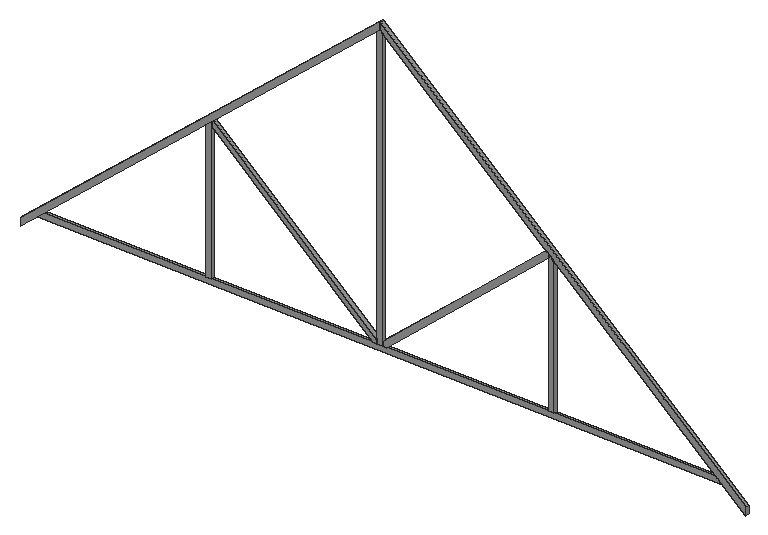
Revit family "HoweTruss", category Structural Framing, Revit 2021
Family settings
  Section Shape = Not Defined
  Material for Model Behavior = Wood
  Always export as geometry = No
  OmniClass Number = 23.25.30.21.14
  OmniClass Title = Trussed Beams and Joists
  Work Plane-Based = No
  Always vertical = Yes
  Cut with Voids When Loaded = No
  Symbolic Representation = From Family
  Shared = No
  Show family pre-cut in plan views = Yes
Parameters
  WebWidth [instance] = 50 mm
  WebDepth [instance] = 100 mm
  T_Volume [instance] = 0.00 m³
  TopWidth [instance] = 50 mm
  Structural Material [instance] = Poche
  SpanRight [instance] = 6000 mm
  SpanLeft [instance] = 6000 mm
  Span [instance] = SpanLeft + SpanRight  # 12000 mm
  SlopeRight [instance] = 40.00°
  SlopeLeft [instance] = 40.00°
  OverhangRight [instance] = 300 mm
  OverhangLeft [instance] = 400 mm
  TopDepth [instance] = 100 mm
  BottomWidth [instance] = 50 mm
  BottomDepth [instance] = 100 mm
Reference planes
  plane 1 "Center (Front/Back)": y = 0
  plane 2: z = 0
  plane 3 "Center (Left/Right)": x = 0
  plane 4: x = -6000
  plane 5: x = 6000
  plane 6: x = 6400
  plane 7: x = -6300
  plane 8: z = 100
  plane 9: x = -3000
  plane 10: x = -50
  plane 11: x = 50
  plane 12: x = 3000
  plane 13: x = 2950
  plane 14: x = 3050
  plane 15: x = -3050
  plane 16: x = -2950
Forms (mm)
  Extrusion 1, solid, material "Cherry"
    sketch origin (0, 0, 0) x (1, 0, 0) y (0, 0, 1)
      loop
        line (6400, -335.64) -> (6400, -205.099) -> (0, 5165.139) -> (0, 5034.598) -> (6400, -335.64)
    from -40 to 25
  Extrusion 2, solid, material "Cherry"
    sketch origin (0, 0, 0) x (1, 0, 0) y (0, 0, 1)
      loop
        line (-6300, -121.189) -> (-6300, -251.73) -> (0, 5034.598) -> (0, 5165.139) -> (-6300, -121.189)
    from -40 to 25
  Extrusion 3, solid, material "Cherry"
    sketch origin (0, 0, 0) x (1, 0, 0) y (0, 0, 1)
      loop
        line (-6000, 0) -> (6000, 0) -> (5880.825, 100) -> (-5880.825, 100) -> (-6000, 0)
    from -25 to 25
  Extrusion 4, solid, material "Cherry"
    sketch origin (0, 0, 0) x (1, 0, 0) y (0, 0, 1)
      loop
        line (127.307, 100) -> (2950, 2493.696) -> (2950, 2559.254) -> (2911.142, 2591.86) -> (50, 165.558) -> (50, 100) -> (127.307, 100)
    from -25 to 25
  Extrusion 5, solid, material "Cherry"
    sketch origin (0, 0, 0) x (1, 0, 0) y (0, 0, 1)
      loop
        line (-50, 165.558) -> (-2911.142, 2591.86) -> (-2950, 2559.254) -> (-2950, 2493.696) -> (-127.307, 100) -> (-50, 100) -> (-50, 165.558)
    from -25 to 25
  Extrusion 6, solid, material "Cherry"
    sketch origin (0, 0, 0) x (1, 0, 0) y (0, 0, 1)
      loop
        line (3050, 2475.344) -> (2950, 2559.254) -> (2950, 100) -> (3050, 100) -> (3050, 2475.344)
    from -25 to 25
  Extrusion 7, solid, material "Cherry"
    sketch origin (0, 0, 0) x (1, 0, 0) y (0, 0, 1)
      loop
        line (-2950, 2559.254) -> (-3050, 2475.344) -> (-3050, 100) -> (-2950, 100) -> (-2950, 2559.254)
    from -25 to 25
  Extrusion 8, solid, material "Cherry"
    sketch origin (0, 0, 0) x (1, 0, 0) y (0, 0, 1)
      loop
        line (50, 4992.643) -> (0, 5034.598) -> (-50, 4992.643) -> (-50, 100) -> (50, 100) -> (50, 4992.643)
    from -25 to 25
Lines and regions (mm)
  reference lines
    curve 1: line (6000, 0, 0) -> (0, 0, 5034.598)
    curve 2: line (-6000, 0, 0) -> (0, 0, 5034.598)
    curve 3: line (6001.738, 0, 129.083) -> (-8.024, 0, 5171.871)
    curve 4: line (-5999.444, 0, 131.007) -> (-84.65, 0, 5094.109)
    curve 5: line (0, 25, 1939.254) -> (0, 25, -520.746)
    curve 6: line (0, -25, 1939.254) -> (0, -25, -520.746)
    curve 7: line (0, -25, 1939.254) -> (0, -25, -520.746)
    curve 8: line (0, -25, 1939.254) -> (0, -25, -520.746)
    curve 9: line (0, 25, 1939.254) -> (0, 25, -520.746)
    curve 10: line (0, 25, 1939.254) -> (0, 25, -520.746)
    curve 11: line (50, 0, 100) -> (2950, 0, 2559.254)
    curve 12: line (-50, 0, 100) -> (-2950, 0, 2559.254)
    curve 13: line (-28.171, 0, 99.267) -> (2911.142, 0, 2591.86)
    curve 14: line (50.725, 0, 35.057) -> (2988.858, 0, 2526.648)
    curve 15: line (28.171, 0, 99.267) -> (-2911.142, 0, 2591.86)
    curve 16: line (-50.725, 0, 35.057) -> (-2988.858, 0, 2526.648)
Dimensions and locks
  "SpanLeft": plane 3 "Center (Left/Right)" to plane 5
  "SpanRight": plane 3 "Center (Left/Right)" to plane 4
  "OverhangLeft": plane 5 to plane 6
  "OverhangRight": plane 7 to plane 4
  "BottomDepth": level to plane 8
  "TopDepth": curve 1 to curve 3
  "TopDepth": curve 4 to curve 2
  equal spacing: curve 5, curve 4, curve 6
  "TopWidth": curve 5 to curve 6
  equal spacing: curve 9, curve 4, curve 7
  "WebWidth": curve 9 to curve 7
  equal spacing: curve 10, curve 4, curve 8
  "BottomWidth": curve 10 to curve 8
  equal spacing: plane 11, plane 3 "Center (Left/Right)", plane 10
  "WebDepth": plane 11 to plane 10
  equal spacing: plane 5, plane 12, plane 3 "Center (Left/Right)"
  equal spacing: plane 3 "Center (Left/Right)", plane 9, plane 4
  equal spacing: plane 14, plane 12, plane 13
  "WebDepth": plane 14 to plane 13
  equal spacing: plane 16, plane 9, plane 15
  "WebDepth": plane 16 to plane 15
  equal spacing: curve 14, curve 11, curve 13
  "WebDepth": curve 14 to curve 13
  equal spacing: curve 15, curve 12, curve 16
  "WebDepth": curve 15 to curve 16
  "SlopeLeft": angle level to curve 1
  "SlopeRight": angle curve 2 to level
  aligned and locked: plane 2 to level
  aligned and locked: plane 3 "Center (Left/Right)" to curve 1
  aligned and locked: plane 5 to curve 1
  aligned and locked: curve 1 to level
  aligned and locked: level to curve 2
  aligned and locked: Extrusion 1 sketch curve to curve 1
  aligned and locked: Extrusion 1 sketch curve to curve 3
  aligned and locked: Extrusion 1 sketch curve to plane 3 "Center (Left/Right)"
  aligned and locked: Extrusion 1 sketch curve to plane 6
  aligned and locked: Extrusion 1 to curve 6
  aligned and locked: Extrusion 2 sketch curve to curve 4
  aligned and locked: Extrusion 2 sketch curve to curve 2
  aligned and locked: plane 7 to Extrusion 2 sketch curve
  aligned and locked: Extrusion 2 sketch curve to plane 3 "Center (Left/Right)"
  aligned and locked: Extrusion 2 to Extrusion 1
  aligned and locked: Extrusion 1 to Extrusion 2
  aligned and locked: Extrusion 3 sketch curve to level
  aligned and locked: Extrusion 3 sketch curve to plane 8
  aligned and locked: Extrusion 1 to Extrusion 3 sketch curve
  aligned and locked: Extrusion 2 to Extrusion 3 sketch curve
  aligned and locked: curve 10 to Extrusion 3
  aligned and locked: Extrusion 3 to curve 8
  aligned and locked: curve 14 to Extrusion 4 sketch curve
  aligned and locked: curve 13 to Extrusion 4 sketch curve
  aligned and locked: Extrusion 4 sketch curve to plane 13
  aligned and locked: Extrusion 1 to Extrusion 4 sketch curve
  aligned and locked: plane 11 to Extrusion 4 sketch curve
  aligned and locked: Extrusion 3 to Extrusion 4 sketch curve
  aligned and locked: curve 15 to Extrusion 5 sketch curve
  aligned and locked: curve 16 to Extrusion 5 sketch curve
  aligned and locked: Extrusion 2 to Extrusion 5 sketch curve
  aligned and locked: Extrusion 5 sketch curve to plane 10
  aligned and locked: Extrusion 3 to Extrusion 5 sketch curve
  aligned and locked: plane 16 to Extrusion 5 sketch curve
  aligned and locked: plane 14 to Extrusion 6 sketch curve
  aligned and locked: Extrusion 6 sketch curve to plane 13
  aligned and locked: Extrusion 1 to Extrusion 6 sketch curve
  aligned and locked: Extrusion 3 to Extrusion 6 sketch curve
  aligned and locked: plane 16 to Extrusion 7 sketch curve
  aligned and locked: Extrusion 7 sketch curve to plane 15
  aligned and locked: Extrusion 2 to Extrusion 7 sketch curve
  aligned and locked: Extrusion 3 to Extrusion 7 sketch curve
  aligned and locked: plane 11 to Extrusion 8 sketch curve
  aligned and locked: Extrusion 8 sketch curve to plane 10
  aligned and locked: Extrusion 3 to Extrusion 8 sketch curve
  aligned and locked: Extrusion 8 sketch curve to Extrusion 1
  aligned and locked: Extrusion 2 to Extrusion 8 sketch curve
  aligned and locked: Extrusion 7 to curve 9
  aligned and locked: Extrusion 7 to curve 7
  aligned and locked: Extrusion 5 to curve 9
  aligned and locked: Extrusion 5 to curve 7
  aligned and locked: Extrusion 4 to curve 9
  aligned and locked: Extrusion 4 to curve 7
  aligned and locked: Extrusion 6 to curve 9
  aligned and locked: Extrusion 6 to curve 7
  aligned and locked: Extrusion 8 to curve 9
  aligned and locked: Extrusion 8 to curve 7
Automatic sketch dimensions
  plane 16 to curve 12 = 0 mm
  curve 12 to plane 8 = 0 mm
  curve 12 to plane 10 = 0 mm
  curve 11 to plane 8 = 0 mm
  plane 11 to curve 11 = 0 mm
  curve 11 to plane 13 = 0 mm
  curve 4 to plane 4 = 0.556 mm
  curve 4 to plane 10 = 34.65 mm
  curve 16 to plane 10 = 0.725 mm
  curve 13 to plane 8 = 0.733 mm
  curve 3 to plane 3 "Center (Left/Right)" = 8.024 mm
  curve 15 to plane 8 = 0.733 mm
  curve 14 to plane 11 = 0.725 mm
  curve 3 to plane 5 = 1.738 mm
  curve 10 to level = 520.746 mm
  curve 5 to curve 10 = 0 mm
  curve 8 to curve 5 = 0 mm
  curve 6 to curve 5 = 0 mm  (x2)
  curve 8 to curve 7 = 0 mm  (x2)
  curve 9 to curve 10 = 0 mm  (x2)
  plane 8 to curve 6 = 1839.254 mm
  curve 6 to curve 9 = 0 mm
  curve 8 to curve 6 = 0 mm
